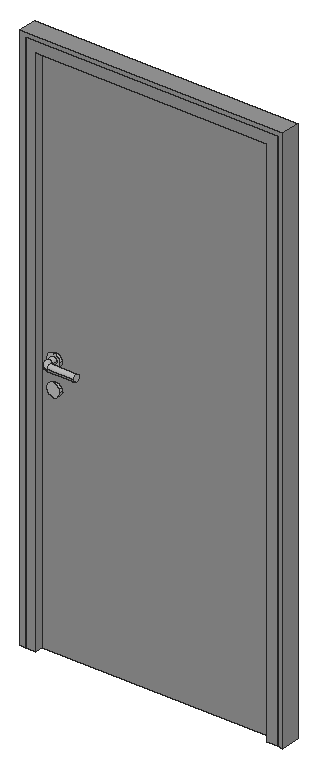
Revit family "BRU_Дверь_Однопольная_Стальная", category Двери, Revit 2021
Family settings
  Основа = Стена
  Номер OmniClass = 23.30.10.00
  Заголовок OmniClass = Doors
  Всегда вертикально = Да
  При загрузке вырезать с полостями = Нет
  Общий = Нет
  Точка принадлежности помещению = Нет
Parameters (values of type "ДСВ Оп Прг Л Н 2100-1000")
  Ширина проема = 1000 mm
  Четверть_Высота [instance] = 65 mm
  Четверть [instance] = no
  Четверть сверху [instance] = if(Четверть, Четверть_Высота, 0 mm)  # 0 mm
  Четверть сбоку [instance] = if(Четверть, Четверть_Ширина, 0 mm)  # 0 mm
  Четверть_Ширина [instance] = 65 mm
  Функция = Внутренние слои
  Угол плане 30 = yes
  Толщина пола [instance] = 0 mm
  Тип полотна двери = АС-Полотно : Глухое
  Ручка двери = ADSK_Металл_С порошковым покрытием темно-серый
  Рама двери_Ширина справа = 50 mm
  Рама двери_Ширина слева = 50 mm
  Рама двери_Ширина внизу = 50 mm
  Рама двери_Ширина вверху = 50 mm
  Рама двери = Сталь, нержавеющая, шлифованная
  Полотно_Ширина = Rough Width - Коробка_Ширина * 2  # 900 mm
  Полотно_Высота = Rough Height - Коробка_Ширина  # 2050 mm
  Define Thermal Properties by = 1
  Fire Rating = ""
  Высота проема = 2100 mm
  Аналитическая конструкция = "<Нет>"
  ADSK_Обозначение = "ГОСТ 31173-2016"
  Наличник двери = Сталь, нержавеющая, шлифованная
  ADSK_Наименование = "ДСВ Оп Прг Пр Н 2100-1000"
  Монтажный зазор_Верх = 20 mm
  Коробка_Ширина = 30 mm
  Коробка_Толщина = 70 mm
  Правая = no
  Полотно двери = Сталь, нержавеющая, шлифованная
  Остекление двери = Сталь, нержавеющая, шлифованная
  Наличник_Ширина [instance] = 60 mm
  Наличник_Толщина [instance] = 10 mm
  Наличник снаружи [instance] = no
  Наличник внутри [instance] = no
  Монтажный зазор_Справа и Слева = 20 mm
  Вставка_Четверть_Глубина [instance] = 0 mm
  Левая = not(Правая)  # yes
  Инструкция по семейству [instance] = ""
  Огибание наружных слоев [instance] = 0 mm
  Width [instance] = Ширина проема  # 1000 mm
  Thickness = 40 mm
  Rough Width = Ширина проема - Монтажный зазор_Справа и Слева * 2  # 960 mm
  Rough Height = Высота проема - Монтажный зазор_Верх  # 2080 mm
  Model = ""
  Manufacturer = ""
  Wall Closure = (empty or 0)
  Height [instance] = Высота проема  # 2100 mm
  Description = "Дверь стальная"
  Construction Type = "Дверь стальная"
  ADSK_Этаж [instance] = ""
  ADSK_Толщина стены [instance] = 600 mm
  ADSK_Примечание [instance] = ""
  ADSK_Предел огнестойкости = ""
  ADSK_Позиция [instance] = ""
  ADSK_Открывание = if(Правая, "Правая", "Левая")  # "Левая"
  ADSK_Откосы_Глубина [instance] = 530 mm
  ADSK_Наименование краткое = ""
  ADSK_Масса_Текст = ""
  ADSK_Количество [instance] = 0
  ADSK_Код изделия = ""
  ADSK_Зона [instance] = ""
  ADSK_Завод-изготовитель = ""
  ADSK_Единица измерения = ""
  ADSK_Группирование [instance] = ""
  ADSK_URL страницы изделия = ""
  ADSK_URL документации изделия = ""
Types (2, lengths in mm): name | Правая | Левая | ADSK_Открывание
  ДСВ Оп Прг Л Н 2100-1000 | no | yes | "Левая"
  ДСВ Оп Прг Пр Н 2100-1000 | yes | no | "Правая"
Reference planes
  plane 1: y = 0
  plane 2 "По центру (Влево/Вправо)": x = 0
  plane 3 "Слева": x = -500
  plane 4 "Справа": x = 500
  plane 5: z = 2100
  plane 6 "Наружный": y = 300
  plane 7 "Внутренние": y = -300
  plane 8 "Вставка двери": y = 300
  plane 9 "Четверть слева": x = -500
  plane 10 "Четверть справа": x = 500
  plane 11 "Четверть сверху": z = 2100
  plane 12 "Полотно двери": y = 260
  plane 13 "Рама внутри": y = 230
  plane 14 "Монтажный зазор слева": x = -480
  plane 15 "Монтажный зазор справа": x = 480
  plane 16 "Монтажный зазор сверху": z = 2080
  plane 17 "Глубина огибания наружного слоя": y = 300
  plane 18: y = 310
  plane 19: x = 490
  plane 20: y = -310
  plane 21: x = -490
  plane 22: x = -450
  plane 23: x = 450
  plane 24: z = 1025
  plane 25 "Верх полотна": z = 2050
  plane 26 "Уровень ч.п.": z = 0
  plane 27 "Уровень плиты": z = 0
Forms (mm)
  Extrusion 1, void
    sketch origin (0, 0, 0) x (1, 0, 0) y (0, 1, 0)
      loop
        line (500, 300) -> (-500, 300) -> (-500, -800) -> (500, -800) -> (500, 300)
    from 0 to 2100
  Extrusion 2, void
    sketch origin (0, 0, 0) x (1, 0, 0) y (0, 1, 0)
      loop
        line (500, 800) -> (-500, 800) -> (-500, 300) -> (500, 300) -> (500, 800)
    from 0 to 2100
  Sweep 3, solid, material "Сталь, нержавеющая, шлифованная" <- "Наличник двери", visible <- "Наличник снаружи", detail levels fine
    path origin (0, 300, 0) x (1, 0, 0) y (0, 0, 1)
      loop
        line (-500, 0) -> (-500, 2100) -> (500, 2100) -> (500, 0)
    profile origin (-500, 300, 1050) x (-1, 0, 0) y (0, -1, 0)
      loop
        line (-10, 0) -> (-10, -5)
        arc (-10, -5) -> (-8.536, -8.536) -> (-5, -10) r 5
        line (-5, -10) -> (45, -10)
        arc (45, -10) -> (48.536, -8.536) -> (50, -5) r 5
        line (50, -5) -> (50, 0) -> (-10, 0)
  Sweep 4, solid, material "Сталь, нержавеющая, шлифованная" <- "Наличник двери", visible <- "Наличник внутри", detail levels fine
    path origin (0, -300, 0) x (1, 0, 0) y (0, 0, 1)
      loop
        line (-500, 0) -> (-500, 2100) -> (500, 2100) -> (500, 0)
    profile origin (-500, -300, 1050) x (-1, 0, 0) y (0, -1, 0)
      loop
        line (-10, 0) -> (50, 0) -> (50, 5)
        arc (50, 5) -> (48.536, 8.536) -> (45, 10) r 5
        line (45, 10) -> (-5, 10)
        arc (-5, 10) -> (-8.536, 8.536) -> (-10, 5) r 5
        line (-10, 5) -> (-10, 0)
  Sweep 5, solid, material "Сталь, нержавеющая, шлифованная" <- "Рама двери", detail levels medium+fine
    path origin (0, 300, 0) x (-1, 0, 0) y (0, 0, 1)
      loop
        line (480, 0) -> (480, 2080) -> (-480, 2080) -> (-480, 0)
    profile origin (480, 300, 1040) x (0, 1, 0) y (-1, 0, 0)
      loop
        line (0, 0) -> (0, 30) -> (-40, 30) -> (-40, 40) -> (-70, 40) -> (-70, 0) -> (0, 0)
  Sweep 6, solid, material "Сталь, нержавеющая, шлифованная" <- "Наличник двери", visible <- "Наличник внутри", detail levels fine
    path origin (0, 230, 0) x (-1, 0, 0) y (0, 0, 1)
      loop
        line (500, 0) -> (500, 2100) -> (-500, 2100) -> (-500, 0)
    profile origin (-500, 230, 1050) x (1, 0, 0) y (0, 1, 0)
      loop
        line (0, -535) -> (10, -535) -> (10, 0) -> (0, 0) -> (0, -535)
  Sweep 7, solid, material "Сталь, нержавеющая, шлифованная" <- "Наличник двери", visible <- "Наличник снаружи", detail levels fine
    path origin (0, 300, 0) x (-1, 0, 0) y (0, 0, 1)
      loop
        line (500, 0) -> (500, 2100) -> (-500, 2100) -> (-500, 0)
    profile origin (500, 300, 1050) x (0, 1, 0) y (-1, 0, 0)
      loop
        line (5, 0) -> (5, 10) -> (0, 10) -> (0, 0) -> (5, 0)
  Extrusion 8, solid, material "Сталь, нержавеющая, шлифованная" <- "Рама двери", detail levels medium+fine
    sketch origin (-2514.822, 300, 1200) x (-1, 0, 0) y (0, 0, 1)
      loop
        line (-3014.822, 900) -> (-3014.822, -1200) -> (-2994.822, -1200) -> (-2994.822, 880) -> (-2034.822, 880) -> (-2034.822, -1200) -> (-2014.822, -1200) -> (-2014.822, 900) -> (-3014.822, 900)
    from 0 to -70
Cuts and joins
  joined: Sweep 4, Sweep 6
  joined: Sweep 3, Sweep 7
Lines and regions (mm)
  Masking region 1, detail levels fine
    outline origin (0, 0, 0) x (0, 1, 0) y (0, 0, 1)
      loop
        line (230, 2040) -> (260, 2040) -> (260, 2050) -> (300, 2050) -> (300, 2080) -> (230, 2080) -> (230, 2040)
  Masking region 2, detail levels fine
    outline origin (0, 0, 0) x (0, 1, 0) y (0, 0, 1)
      loop
        line (300, 2080) -> (300, 2100) -> (230, 2100) -> (230, 2080) -> (300, 2080)
  Masking region 3, detail levels fine
    outline origin (0, 0, 0) x (0, 1, 0) y (0, 0, 1)
      loop
        line (300, 0) -> (300, 2050) -> (260, 2050) -> (260, 0) -> (300, 0)
  Masking region 4, detail levels fine
    outline origin (0, 0, 0) x (0, 1, 0) y (0, 0, 1)
      loop
        line (230, 2040) -> (230, 0) -> (260, 0) -> (260, 2040) -> (230, 2040)
  Masking region 5, detail levels medium
    outline origin (0, 0, 0) x (0, 1, 0) y (0, 0, 1)
      loop
        line (300, 0) -> (300, 2100) -> (230, 2100) -> (230, 0) -> (300, 0)
  Masking region 6, detail levels medium+fine
    outline origin (0, 0, 0) x (0, 1, 0) y (0, 0, 1)
      loop
        line (230, 0) -> (230, 2100) -> (-300, 2100) -> (-300, 0) -> (230, 0)
  symbolic lines, style "Открывание", visible <- "Правая", detail levels medium
    curve 1: line (-450, 300, 0) -> (450, 300, 1025)
    curve 2: line (450, 300, 1025) -> (-450, 300, 2050)
  symbolic lines, style "Открывание", visible <- "Левая", detail levels medium
    curve 3: line (450, 300, 0) -> (-450, 300, 1025)
    curve 4: line (-450, 300, 1025) -> (450, 300, 2050)
Text (mm)
  text "Наружный" at (-2295.016, 1099.543, 0), in view "Опорный уровень "
  text "Наружный" at (0, 1615.38, 3698.081), in view "Слева"
  text "Наружный" at (0, 1036.032, 3874.932), in view "Справа"
Dimensions and locks
  equal spacing: plane 14 "Монтажный зазор слева", plane 2 "По центру (Влево/Вправо)", plane 15 "Монтажный зазор справа"
  "Width": plane 3 "Слева" to plane 4 "Справа"
  "Rough Height": plane 26 "Уровень ч.п." to plane 16 "Монтажный зазор сверху"
  "Высота проема": plane 26 "Уровень ч.п." to plane 5
  locked: plane 6 "Наружный" to host wall
  locked: plane 7 "Внутренние" to host wall
  locked: Extrusion 1 sketch curve to plane 7 "Внутренние" at 500
  "Четверть сбоку": plane 3 "Слева" to plane 9 "Четверть слева"
  "Четверть сбоку": plane 10 "Четверть справа" to plane 4 "Справа"
  "Четверть сверху": plane 11 "Четверть сверху" to plane 5
  locked: plane 6 "Наружный" to Extrusion 2 sketch curve at 500
  "Вставка_Четверть_Глубина": plane 6 "Наружный" to plane 8 "Вставка двери"
  "Наличник_Ширина": Sweep 3 sketch curve to plane 21
  "Коробка_Толщина": plane 8 "Вставка двери" to plane 13 "Рама внутри"
  "Thickness": plane 8 "Вставка двери" to plane 12 "Полотно двери"
  "Огибание наружных слоев": plane 6 "Наружный" to plane 17 "Глубина огибания наружного слоя"
  "Наличник_Ширина": Sweep 4 sketch curve to Sweep 4 sketch curve
  locked: Sweep 4 sketch curve to Sweep 4 sketch curve at 5  (x4)
  locked: Sweep 3 sketch curve to Sweep 3 sketch curve at 5
  "Коробка_Ширина": Sweep 5 sketch curve to profile plane
  locked: Sweep 5 sketch curve to Sweep 5 sketch curve at 10
  locked: Sweep 6 sketch curve to plane 20 at 5
  "Наличник_Толщина": plane 7 "Внутренние" to plane 20
  "Наличник_Толщина": plane 18 to plane 6 "Наружный"
  "Наличник_Толщина": plane 9 "Четверть слева" to plane 21
  "Наличник_Толщина": plane 19 to plane 10 "Четверть справа"
  locked: plane 18 to Sweep 3 sketch curve at 5  (x2)
  locked: Sweep 3 sketch curve to plane 21 at 5
  locked: plane 18 to Sweep 7 sketch curve at 5
  "ADSK_Откосы_Глубина": plane 7 "Внутренние" to plane 13 "Рама внутри"
  equal spacing: plane 3 "Слева", plane 2 "По центру (Влево/Вправо)", plane 4 "Справа"
  "Rough Width": plane 14 "Монтажный зазор слева" to plane 15 "Монтажный зазор справа"
  "Коробка_Ширина": plane 14 "Монтажный зазор слева" to plane 22
  "Коробка_Ширина": plane 23 to plane 15 "Монтажный зазор справа"
  equal spacing: level, plane 24, plane 25 "Верх полотна"
  "Коробка_Ширина": plane 25 "Верх полотна" to plane 16 "Монтажный зазор сверху"
  "ADSK_Толщина стены": host wall to host wall
  plane 11 "Четверть сверху" to level = 2100 mm
  plane 3 "Слева" to plane 4 "Справа" = 1000 mm  (x2)
  "Толщина пола": plane 27 "Уровень плиты" to plane 26 "Уровень ч.п."
  aligned and locked: plane 1 to host wall
  aligned and locked: plane 8 "Вставка двери" to Extrusion 1 sketch curve
  aligned and locked: plane 3 "Слева" to Extrusion 1 sketch curve
  aligned and locked: Extrusion 1 sketch curve to plane 4 "Справа"
  aligned and locked: Extrusion 1 to plane 5
  aligned and locked: Extrusion 2 sketch curve to plane 8 "Вставка двери"
  aligned and locked: plane 10 "Четверть справа" to Extrusion 2 sketch curve
  aligned and locked: Extrusion 2 sketch curve to plane 9 "Четверть слева"
  aligned and locked: plane 11 "Четверть сверху" to Extrusion 2
  aligned and locked: plane 9 "Четверть слева" to Sweep 3 sketch curve
  aligned and locked: plane 11 "Четверть сверху" to Sweep 3 sketch curve
  aligned and locked: plane 10 "Четверть справа" to Sweep 3 sketch curve
  aligned and locked: Sweep 4 sketch curve to plane 3 "Слева"
  aligned and locked: Sweep 4 sketch curve to plane 5
  aligned and locked: Sweep 4 sketch curve to plane 4 "Справа"
  aligned and locked: level to Sweep 4 sketch curve  (x2)
  aligned and locked: Sweep 4 sketch curve to plane 7 "Внутренние"
  aligned and locked: Sweep 5 sketch curve to plane 15 "Монтажный зазор справа"
  aligned and locked: Sweep 5 sketch curve to plane 16 "Монтажный зазор сверху"
  aligned and locked: Sweep 5 sketch curve to plane 14 "Монтажный зазор слева"
  aligned and locked: level to Sweep 5 sketch curve  (x2)
  aligned and locked: profile plane to Sweep 5 sketch curve
  aligned and locked: plane 13 "Рама внутри" to Sweep 5 sketch curve
  aligned and locked: plane 8 "Вставка двери" to Sweep 5 sketch curve
  aligned and locked: plane 12 "Полотно двери" to Sweep 5 sketch curve
  aligned and locked: plane 3 "Слева" to Sweep 6 sketch curve
  aligned and locked: plane 5 to Sweep 6 sketch curve
  aligned and locked: plane 4 "Справа" to Sweep 6 sketch curve
  aligned and locked: level to Sweep 6 sketch curve  (x2)
  aligned and locked: Sweep 6 sketch curve to plane 3 "Слева"
  aligned and locked: Sweep 6 sketch curve to plane 13 "Рама внутри"
  aligned and locked: profile plane to Sweep 3 sketch curve
  aligned and locked: level to Sweep 7 sketch curve  (x2)
  aligned and locked: Sweep 7 sketch curve to plane 11 "Четверть сверху"
  aligned and locked: plane 10 "Четверть справа" to Sweep 7 sketch curve  (x2)
  aligned and locked: plane 9 "Четверть слева" to Sweep 7 sketch curve
  aligned and locked: plane 8 "Вставка двери" to Sweep 7 sketch curve
  aligned and locked: plane 20 to Sweep 4 sketch curve
  aligned and locked: plane 18 to Sweep 3 sketch curve
  aligned and locked: Sweep 7 sketch curve to plane 19
  aligned and locked: Masking region 1 sketch curve to Sweep 5  (x2)
  aligned and locked: plane 12 "Полотно двери" to Masking region 1 sketch curve
  aligned and locked: plane 13 "Рама внутри" to Masking region 1 sketch curve
  aligned and locked: plane 8 "Вставка двери" to Masking region 1 sketch curve
  aligned and locked: plane 16 "Монтажный зазор сверху" to Masking region 1 sketch curve
  aligned and locked: plane 8 "Вставка двери" to Masking region 2 sketch curve
  aligned and locked: plane 13 "Рама внутри" to Masking region 2 sketch curve
  aligned and locked: plane 16 "Монтажный зазор сверху" to Masking region 2 sketch curve
  aligned and locked: plane 5 to Masking region 2 sketch curve
  aligned and locked: plane 8 "Вставка двери" to Masking region 3 sketch curve
  aligned and locked: plane 12 "Полотно двери" to Masking region 3 sketch curve
  aligned and locked: level to Masking region 3 sketch curve
  aligned and locked: Masking region 3 sketch curve to Sweep 5
  aligned and locked: Masking region 4 sketch curve to Sweep 5
  aligned and locked: plane 13 "Рама внутри" to Masking region 4 sketch curve
  aligned and locked: plane 12 "Полотно двери" to Masking region 4 sketch curve
  aligned and locked: level to Masking region 4 sketch curve
  aligned and locked: plane 8 "Вставка двери" to Masking region 5 sketch curve
  aligned and locked: plane 13 "Рама внутри" to Masking region 5 sketch curve
  aligned and locked: plane 5 to Masking region 5 sketch curve
  aligned and locked: level to Masking region 5 sketch curve
  aligned and locked: Extrusion 8 sketch curve to plane 4 "Справа"
  aligned and locked: Extrusion 8 sketch curve to plane 3 "Слева"
  aligned and locked: Extrusion 8 sketch curve to plane 5
  aligned and locked: Extrusion 8 sketch curve to plane 16 "Монтажный зазор сверху"
  aligned and locked: Extrusion 8 sketch curve to plane 14 "Монтажный зазор слева"
  aligned and locked: Extrusion 8 sketch curve to plane 15 "Монтажный зазор справа"
  aligned and locked: Extrusion 8 sketch curve to level
  aligned and locked: Extrusion 8 to plane 13 "Рама внутри"
  aligned and locked: plane 8 "Вставка двери" to Extrusion 8
  aligned and locked: nested 1 to plane 8 "Вставка двери"
  aligned and locked: nested 1 to plane 3 "Слева"
  aligned and locked: nested 2 to plane 3 "Слева"
  aligned and locked: plane 8 "Вставка двери" to nested 2
  aligned and locked: nested 3 to plane 8 "Вставка двери"
  aligned and locked: nested 3 to plane 22
  aligned and locked: nested 3 to plane 23
  aligned and locked: nested 4 to plane 8 "Вставка двери"
  aligned and locked: nested 4 to plane 22
  aligned and locked: plane 8 "Вставка двери" to nested 5
  aligned and locked: nested 5 to plane 23
  aligned and locked: curve 3 to Sweep 5
  aligned and locked: Sweep 5 to curve 1
  aligned and locked: plane 25 "Верх полотна" to curve 2
  aligned and locked: plane 25 "Верх полотна" to curve 4
  aligned and locked: plane 24 to curve 2
  aligned and locked: plane 24 to curve 4
  aligned and locked: level to curve 1
  aligned and locked: level to curve 3
  aligned and locked: plane 22 to curve 2
  aligned and locked: plane 23 to curve 4
  aligned and locked: plane 23 to curve 2
  aligned and locked: plane 22 to curve 4
  aligned and locked: level to plane 26 "Уровень ч.п."
  aligned and locked: Extrusion 2 to plane 27 "Уровень плиты"
  aligned and locked: Extrusion 1 to plane 27 "Уровень плиты"
  aligned and locked: nested 3 to plane 26 "Уровень ч.п."
  aligned and locked: plane 13 "Рама внутри" to Masking region 6 sketch curve
  aligned and locked: Masking region 6 sketch curve to plane 7 "Внутренние"
  aligned and locked: plane 26 "Уровень ч.п." to Masking region 6 sketch curve
  aligned and locked: plane 11 "Четверть сверху" to Masking region 6 sketch curve
  aligned and locked: Sweep 6 sketch curve to plane 21
  aligned and locked: Sweep 4 sketch curve to plane 21
Automatic sketch dimensions
  Sweep 3 sketch curve to level = 0 mm  (x2)
  Extrusion 8 sketch curve to level = 0 mm
Nested families
  nested 1: "АС-Однопольная-Обозначение на плане" at (0, 300, 0), Height <- "Height", Rough Width <- "Rough Width", Thickness <- "Thickness", visible <- "Левая", Width <- "Width", type "АС-Стандарт"
    with Width 1000 mm, Thickness 40 mm, Rough Width 960 mm, Height 2100 mm, Ширина проема 1000 mm, Полотно_Ширина 900 mm, Коробка_Ширина_Полная 40 mm, Коробка_Толщина 70 mm
  nested 2: "АС-Однопольная-Обозначение на плане" at (0, 300, 0) x (-1, 0, 0) z (0, 0, 1), Height <- "Height", Thickness <- "Thickness", visible <- "Правая", Width <- "Width", type "АС-Стандарт"
    with Width 1000 mm, Thickness 40 mm, Rough Width 960 mm, Height 2100 mm, Ширина проема 1000 mm, Полотно_Ширина 900 mm, Коробка_Ширина_Полная 40 mm, Коробка_Толщина 70 mm
  nested 3: "АС-Полотно" at (0, 300, 0), Рама.Ширина справа <- "Рама двери_Ширина справа", Рама.Ширина слева <- "Рама двери_Ширина слева", Рама.Ширина внизу <- "Рама двери_Ширина внизу", Рама.Ширина вверху <- "Рама двери_Ширина вверху", Полотно двери.Толщина <- "Thickness", Полотно двери.Высота <- "Полотно_Высота", Полотно двери.Ширина <- "Полотно_Ширина", type <- "Тип полотна двери", Фурнитура <- "Ручка двери", Полотно двери <- "Полотно двери", Остекление двери <- "Остекление двери", type "Глухое"
    with Фурнитура ADSK_Металл_С порошковым покрытием темно-серый, Рама.Ширина справа 50 mm, Рама.Ширина слева 50 mm, Рама.Ширина внизу 50 mm, Рама.Ширина вверху 50 mm, Полотно двери.Ширина 900 mm, Полотно двери.Толщина 40 mm, Полотно двери.Высота 2050 mm, Полотно двери Сталь, нержавеющая, шлифованная, Остекление двери Сталь, нержавеющая, шлифованная
  nested 4: "АС-Ручка двери" at (-450, 300, 0), Полотно двери.Толщина <- "Thickness", visible <- "Левая", Ручка двери <- "Ручка двери", type "АС-Стандарт"
    with Ручка двери ADSK_Металл_С порошковым покрытием темно-серый, Полотно двери.Толщина 40 mm, Отступ ручки от края 60 mm
  nested 5: "АС-Ручка двери" at (450, 300, 0) x (-1, 0, 0) z (0, 0, 1), Полотно двери.Толщина <- "Thickness", visible <- "Правая", Ручка двери <- "Ручка двери", type "АС-Стандарт"
    with Ручка двери ADSK_Металл_С порошковым покрытием темно-серый, Полотно двери.Толщина 40 mm, Отступ ручки от края 60 mm
Definition of nested family "АС-Полотно"
  Parameters
    Фурнитура [instance] = none
    Рама.Ширина справа [instance] = 50 mm
    Рама.Ширина слева [instance] = 50 mm
    Рама.Ширина внизу [instance] = 50 mm
    Рама.Ширина вверху [instance] = 50 mm
    Остекленное = not(Глухое)  # no
    Полотно двери.Ширина [instance] = 1000 mm
    Полотно двери.Толщина [instance] = 40 mm
    Полотно двери.Высота [instance] = 2100 mm
    Полотно двери [instance] = none
    Глухое = yes
    Остекление двери [instance] = none
    Default Elevation = 0 mm
  Reference planes
    plane 1 "Center (Front/Back)": y = 0
    plane 2: z = 0
    plane 3 "Center (Left/Right)": x = 0
    plane 4: x = -500
    plane 5: x = 500
    plane 6 "Back": y = -40
    plane 7: z = 2100
    plane 8 "Остекление снаружи": y = -8
    plane 9 "Остекление внутри": y = -32
    plane 10 "Ширина рамы справа": x = -450
    plane 11 "Ширина рамы слева": x = 450
    plane 12 "Ширина рамы внизу": z = 50
    plane 13 "Ширина рамы вверху": z = 2050
  Forms (mm)
    Extrusion 1, solid, material <- "Полотно двери", visible <- "Глухое", detail levels medium+fine
      sketch origin (0, 0, 0) x (1, 0, 0) y (0, 0, 1)
        loop
          line (-500, 2100) -> (-500, 0) -> (500, 0) -> (500, 2100) -> (-500, 2100)
      from 0 to 40 <- "Полотно двери.Толщина"
    Extrusion 2, solid, material <- "Полотно двери", visible <- "Остекленное", detail levels medium+fine
      sketch origin (0, 0, 0) x (1, 0, 0) y (0, 0, 1)
        loop
          line (-500, 2100) -> (-500, 0) -> (500, 0) -> (500, 2100) -> (-500, 2100)
        loop
          line (-450, 50) -> (450, 50) -> (450, 2050) -> (-450, 2050) -> (-450, 50)
      from 0 to 40
    Extrusion 3, solid, material <- "Остекление двери", visible <- "Остекленное", detail levels medium+fine
      sketch origin (-646.608, -8, 1200) x (-1, 0, 0) y (0, 0, 1)
        loop
          line (-196.608, 850) -> (-1096.608, 850) -> (-1096.608, -1150) -> (-196.608, -1150) -> (-196.608, 850)
      from 0 to -24
  Dimensions and locks
    "Полотно двери.Толщина": plane 1 "Center (Front/Back)" to plane 6 "Back"
    equal spacing: plane 4, plane 3 "Center (Left/Right)", plane 5
    "Полотно двери.Ширина": plane 4 to plane 5
    "Полотно двери.Высота": plane 7 to plane 2
    locked: plane 9 "Остекление внутри" to plane 6 "Back" at 8
    locked: plane 1 "Center (Front/Back)" to plane 8 "Остекление снаружи" at 8
    "Рама.Ширина вверху": plane 7 to plane 13 "Ширина рамы вверху"
    "Рама.Ширина внизу": plane 12 "Ширина рамы внизу" to plane 2
    "Рама.Ширина справа": plane 5 to plane 11 "Ширина рамы слева"
    "Рама.Ширина слева": plane 10 "Ширина рамы справа" to plane 4
    plane 7 to plane 2 = 2100 mm
    aligned and locked: level to plane 2
    aligned and locked: Extrusion 1 sketch curve to plane 7
    aligned and locked: plane 4 to Extrusion 1 sketch curve
    aligned and locked: plane 2 to Extrusion 1 sketch curve
    aligned and locked: Extrusion 1 sketch curve to plane 5
    aligned and locked: Extrusion 1 to plane 1 "Center (Front/Back)"
    aligned and locked: Extrusion 1 to plane 6 "Back"
    aligned and locked: Extrusion 2 sketch curve to plane 4
    aligned and locked: Extrusion 2 sketch curve to plane 5
    aligned and locked: Extrusion 2 sketch curve to plane 7
    aligned and locked: Extrusion 2 sketch curve to plane 2
    aligned and locked: Extrusion 2 sketch curve to plane 12 "Ширина рамы внизу"
    aligned and locked: Extrusion 2 sketch curve to plane 10 "Ширина рамы справа"
    aligned and locked: Extrusion 2 sketch curve to plane 11 "Ширина рамы слева"
    aligned and locked: Extrusion 2 sketch curve to plane 13 "Ширина рамы вверху"
    aligned and locked: Extrusion 2 to plane 1 "Center (Front/Back)"
    aligned and locked: Extrusion 2 to plane 6 "Back"
    aligned and locked: plane 10 "Ширина рамы справа" to Extrusion 3 sketch curve
    aligned and locked: plane 11 "Ширина рамы слева" to Extrusion 3 sketch curve
    aligned and locked: plane 13 "Ширина рамы вверху" to Extrusion 3 sketch curve
    aligned and locked: plane 12 "Ширина рамы внизу" to Extrusion 3 sketch curve
    aligned and locked: Extrusion 3 to plane 8 "Остекление снаружи"
    aligned and locked: Extrusion 3 to plane 9 "Остекление внутри"
    aligned and locked: plane 7 to Extrusion 2
    aligned and locked: plane 4 to Extrusion 2
Definition of nested family "АС-Ручка двери"
  Parameters
    Ручка двери [instance] = none
    Полотно двери.Толщина [instance] = 40 mm
    Отступ ручки от края = 100 mm
    Высота расположения ручки = 1000 mm
    Default Elevation = 0 mm
  Reference planes
    plane 1 "Наружная сторона полотна": y = 0
    plane 2: z = 0
    plane 3 "Край полотна": x = 0
    plane 4 "Вертикаль расположения": x = 100
    plane 5 "Горизонталь расположения": z = 1000
    plane 6 "Внутренняя сторона полотна": y = -40
  Forms (mm)
    Sweep 1, solid, material <- "Ручка двери", detail levels fine
      path origin (0, 0, 1000) x (1, 0, 0) y (0, 1, 0)
        loop
          line (220, 50) -> (120, 50)
          arc (120, 50) -> (105.858, 44.142) -> (100, 30) r 20
          line (100, 30) -> (100, -70)
          arc (100, -70) -> (105.858, -84.142) -> (120, -90) r 20
          line (120, -90) -> (220, -90)
      profile origin (100, -20, 1000) x (1, 0, 0) y (0, 0, 1)
        loop
          circle (0, 0) r 12
    Extrusion 2, solid, material <- "Ручка двери", detail levels fine
      sketch origin (155, 0, 0) x (1, 0, 0) y (0, 0, 1)
        loop
          circle (-55, 1000) r 25
      from 48 to -8
    Extrusion 3, solid, material <- "Ручка двери", detail levels fine
      sketch origin (0, 0, 0) x (1, 0, 0) y (0, 0, 1)
        loop
          circle (100, 900) r 25
      from 48 to -8
  Cuts and joins
    joined: Sweep 1, Extrusion 2
  Dimensions and locks
    "Отступ ручки от края": plane 3 "Край полотна" to plane 4 "Вертикаль расположения"
    "Высота расположения ручки": plane 5 "Горизонталь расположения" to level
    "Полотно двери.Толщина": plane 1 "Наружная сторона полотна" to plane 6 "Внутренняя сторона полотна"
    locked: plane 1 "Наружная сторона полотна" to Extrusion 3 at 8
    locked: plane 1 "Наружная сторона полотна" to Extrusion 2 at 8
    locked: plane 6 "Внутренняя сторона полотна" to Extrusion 3 at 8
    locked: plane 6 "Внутренняя сторона полотна" to Extrusion 2 at 8
    locked: plane 4 "Вертикаль расположения" to Extrusion 2 sketch curve at 0
    locked: plane 5 "Горизонталь расположения" to Extrusion 2 sketch curve at 0
    locked: Extrusion 3 sketch curve to plane 5 "Горизонталь расположения" at 100
    locked: Extrusion 3 sketch curve to plane 4 "Вертикаль расположения"
    locked: plane 1 "Наружная сторона полотна" to Sweep 1 sketch curve at 50
    locked: plane 6 "Внутренняя сторона полотна" to Sweep 1 sketch curve at 50
    locked: plane 4 "Вертикаль расположения" to Sweep 1 sketch curve at 120  (x2)
    locked: Sweep 1 sketch curve to plane 5 "Горизонталь расположения"
    locked: plane 4 "Вертикаль расположения" to Sweep 1 sketch curve at 0
    aligned and locked: Sweep 1 sketch curve to plane 4 "Вертикаль расположения"
  Automatic sketch dimensions
    plane 4 "Вертикаль расположения" to Sweep 1 sketch curve = 20 mm  (x2)
    radius of Sweep 1 sketch curve = 12 mm
    radius of Extrusion 2 sketch curve = 25 mm
    radius of Extrusion 3 sketch curve = 25 mm
Definition of nested family "АС-Однопольная-Обозначение на плане"
  Parameters (values of type "АС-Стандарт")
    Ширина проема = 800 mm
    Полотно_Ширина = Ширина проема - Коробка_Ширина * 2 - Монтажный_Зазор * 2  # 700 mm
    Открывание двери 90 = not(Открывание двери 30)  # no
    Открывание двери 30 = yes
    Монтажный_Зазор = 20 mm
    Линия открывания (дуга) = not(Открывание двери 30)  # no
    Коробка_Ширина_Полная = 56 mm
    Коробка_Ширина = 30 mm
    Коробка_Толщина = 80 mm
    Width [instance] = Ширина проема  # 800 mm
    Thickness [instance] = 40 mm
    Rough Width [instance] = 960 mm
    Height [instance] = 2100 mm
    Default Elevation = 0 mm
    Analytic Construction = "<Нет>"
  Reference planes
    plane 1 "Center (Front/Back)": y = 0
    plane 2: z = 0
    plane 3 "Center (Left/Right)": x = 0
    plane 4 "Полотно.Слева": x = -380
    plane 5 "Полотно справа": x = 380
    plane 6 "Проем.Слева": x = -400
    plane 7 "Проем.Справа": x = 400
    plane 8 "Полотно. Внутренняя сторона": y = -40
    plane 9 "Коробка. Внутренняя сторона": y = -80
    plane 10 "Коробка.Внутренняя сторона слева": x = -350
    plane 11 "Коробка. Внутренняя сторона справа": x = 350
  Lines and regions (mm)
    Masking region 1, detail levels fine
      outline origin (0, 0, 0) x (1, 0, 0) y (0, 1, 0)
        loop
          line (-400, -80) -> (-380, -80) -> (-380, 0) -> (-400, 0) -> (-400, -80)
    Masking region 2, detail levels fine
      outline origin (0, 0, 0) x (1, 0, 0) y (0, 1, 0)
        loop
          line (400, -80) -> (400, 0) -> (380, 0) -> (380, -80) -> (400, -80)
    Masking region 3, detail levels fine
      outline origin (0, 0, 0) x (1, 0, 0) y (0, 1, 0)
        loop
          line (-380, 0) -> (-380, -80) -> (-324, -80) -> (-324, -40) -> (-350, -40) -> (-350, 0) -> (-380, 0)
    Masking region 4, detail levels fine
      outline origin (0, 0, 0) x (1, 0, 0) y (0, 1, 0)
        loop
          line (380, 0) -> (350, 0) -> (350, -40) -> (324, -40) -> (324, -80) -> (380, -80) -> (380, 0)
    Masking region 5, visible <- "Открывание двери 90", detail levels fine
      outline origin (0, 0, 0) x (1, 0, 0) y (0, 1, 0)
        loop
          line (350, 0) -> (350, 700) -> (310, 700) -> (310, 0) -> (350, 0)
    Masking region 6, visible <- "Открывание двери 30", detail levels fine
      outline origin (0, 0, 0) x (1, 0, 0) y (0, 1, 0)
        loop
          line (350, 0) -> (-256.218, 350) -> (-276.218, 315.359) -> (330, -34.641) -> (350, 0)
    symbolic lines, visible <- "Открывание двери 30", detail levels medium
      curve 1: line (400, 0, 0) -> (-292.82, 400, 0)
    symbolic lines, visible <- "Открывание двери 90", detail levels medium
      curve 2: line (400, 0, 0) -> (400, 800, 0)
    symbolic lines, visible <- "Линия открывания (дуга)", detail levels medium
      curve 3: arc (400, 800, 0) -> (-165.685, 565.685, 0) -> (-400, 0, 0) r 800
    symbolic lines, visible <- "Линия открывания (дуга)", detail levels fine
      curve 4: arc (-350, 0, 0) -> (-144.975, 494.975, 0) -> (350, 700, 0) r 700
    model lines
      curve 5: line (0, 0, 0) -> (0, 0, 2100)
    symbolic lines, visible <- "Открывание двери 30", detail levels fine
      curve 6: arc (-350, 0, 0) -> (-332.544, 162.406, 0) -> (-277.926, 316.345, 0) r 700.008
  Dimensions and locks
    "Thickness": plane 1 "Center (Front/Back)" to plane 8 "Полотно. Внутренняя сторона"
    equal spacing: plane 6 "Проем.Слева", plane 3 "Center (Left/Right)", plane 7 "Проем.Справа"
    "Width": plane 6 "Проем.Слева" to plane 7 "Проем.Справа"
    plane 1 "Center (Front/Back)" to plane 9 "Коробка. Внутренняя сторона" = 80 mm
    "Коробка_Толщина": plane 9 "Коробка. Внутренняя сторона" to plane 1 "Center (Front/Back)"
    "Ширина проема": curve 1 to curve 1
    "Ширина проема": plane 1 "Center (Front/Back)" to curve 2
    "Коробка_Ширина_Полная": Masking region 3 sketch curve to Masking region 3 sketch curve
    "Полотно_Ширина": plane 1 "Center (Front/Back)" to Masking region 5 sketch curve
    "Thickness": Masking region 5 sketch curve to plane 11 "Коробка. Внутренняя сторона справа"
    "Полотно_Ширина": Masking region 6 sketch curve to Masking region 6 sketch curve
    "Thickness": Masking region 6 sketch curve to Masking region 6 sketch curve
    "Height": curve 5 to level
    "Коробка_Ширина_Полная": Masking region 4 sketch curve to Masking region 4 sketch curve
    "Монтажный_Зазор": plane 6 "Проем.Слева" to plane 4 "Полотно.Слева"
    "Монтажный_Зазор": plane 5 "Полотно справа" to plane 7 "Проем.Справа"
    "Коробка_Ширина": plane 4 "Полотно.Слева" to plane 10 "Коробка.Внутренняя сторона слева"
    "Коробка_Ширина": plane 11 "Коробка. Внутренняя сторона справа" to plane 5 "Полотно справа"
    "Ширина проема": radius of curve 3
    "Полотно_Ширина": radius of curve 4
    angle curve 1 to plane 1 "Center (Front/Back)" = 30.00°
    locked: Masking region 6 sketch curve to plane 1 "Center (Front/Back)" (angle 30.00°)
    aligned and locked: level to plane 2
    aligned and locked: Masking region 1 sketch curve to plane 9 "Коробка. Внутренняя сторона"
    aligned and locked: plane 6 "Проем.Слева" to Masking region 1 sketch curve
    aligned and locked: Masking region 1 sketch curve to plane 1 "Center (Front/Back)"
    aligned and locked: plane 4 "Полотно.Слева" to Masking region 1 sketch curve
    aligned and locked: plane 9 "Коробка. Внутренняя сторона" to Masking region 2 sketch curve
    aligned and locked: Masking region 2 sketch curve to plane 7 "Проем.Справа"
    aligned and locked: plane 1 "Center (Front/Back)" to Masking region 2 sketch curve
    aligned and locked: plane 5 "Полотно справа" to Masking region 2 sketch curve
    aligned and locked: Masking region 3 sketch curve to plane 4 "Полотно.Слева"
    aligned and locked: Masking region 3 sketch curve to plane 10 "Коробка.Внутренняя сторона слева"
    aligned and locked: Masking region 3 sketch curve to plane 1 "Center (Front/Back)"
    aligned and locked: Masking region 3 sketch curve to plane 9 "Коробка. Внутренняя сторона"
    aligned and locked: Masking region 3 sketch curve to plane 8 "Полотно. Внутренняя сторона"
    aligned and locked: Masking region 4 sketch curve to plane 5 "Полотно справа"
    aligned and locked: Masking region 4 sketch curve to plane 11 "Коробка. Внутренняя сторона справа"
    aligned and locked: Masking region 4 sketch curve to plane 9 "Коробка. Внутренняя сторона"
    aligned and locked: Masking region 4 sketch curve to plane 8 "Полотно. Внутренняя сторона"
    aligned and locked: Masking region 4 sketch curve to plane 1 "Center (Front/Back)"
    aligned and locked: Masking region 4 to Masking region 5 sketch curve
    aligned and locked: Masking region 5 sketch curve to Masking region 4
    aligned and locked: plane 11 "Коробка. Внутренняя сторона справа" to Masking region 6 sketch curve
    aligned and locked: plane 2 to curve 5
    aligned and locked: plane 3 "Center (Left/Right)" to curve 5
    aligned and locked: curve 6 to Masking region 6
  Automatic sketch dimensions
    curve 3 to plane 6 "Проем.Слева" = 0 mm
    plane 1 "Center (Front/Back)" to curve 6 = 0 mm
    curve 6 to plane 10 "Коробка.Внутренняя сторона слева" = 0 mm
    curve 6 to plane 11 "Коробка. Внутренняя сторона справа" = 0.026 mm
    curve 6 to plane 1 "Center (Front/Back)" = 6.905 mm
    plane 1 "Center (Front/Back)" to Masking region 6 sketch curve = 0 mm
